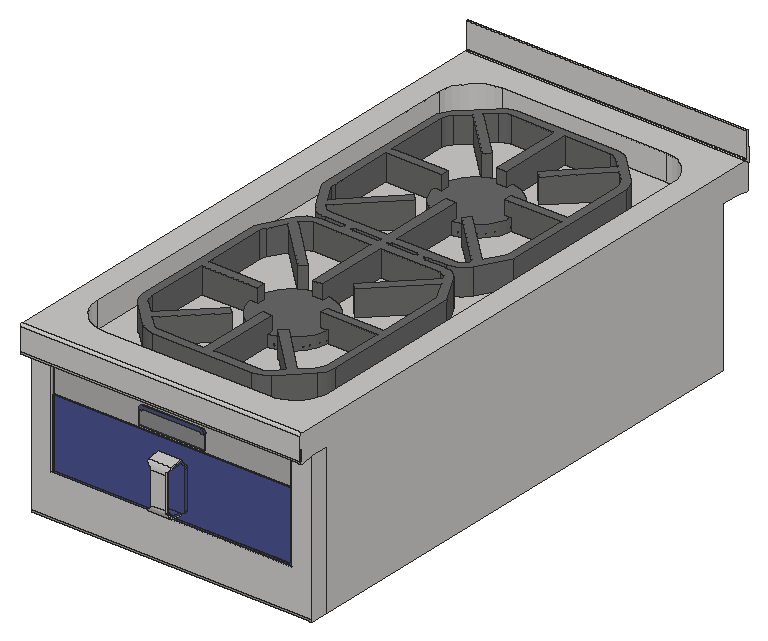
Revit family "QF_ELECTROLUXPROFESSIONAL_588037_MAGCABDOPO", category Specialty Equipment, Revit 2018
Family settings
  Round Connector Dimension = Use Diameter
  Part Type = Normal
  Work Plane-Based = No
  Always vertical = Yes
  Cut with Voids When Loaded = No
  Shared = No
  Room Calculation Point = No
Parameters
  Weight in Pounds = 81.571
  Watts = 0 W
  URL Cutsheet = ""
  Type Mark [instance] = ""
  Status [instance] = ""
  Specification by User [instance] = ""
  Specification by Manufacturer = ""
  Show Clearance [instance] = yes
  Serial Number = ""
  Seismic Rating = ""
  SMACNA No = ""
  Revision Code [instance] = ""
  Omniclass Number and Title = ""
  NAFEM Spec ID Number = ""
  Model = "588037"
  Mechanical Remarks [instance] = ""
  Mechanical Connection Type [instance] = ""
  Masterspec = ""
  Manufacturer = "ELECTROLUX"
  Item Number [instance] = ""
  Installed By [instance] = ""
  Identify Quantity as Lot [instance] = yes
  HP = "0 HP"
  Gas Size = 1/2"
  Gas RI Height [instance] = 0 mm
  Gas KW = 14
  Gas Input = 47726.0 Btu/h
  Gas Connection Height [instance] = 0 mm
  Furnished By [instance] = ""
  Foodservice Equipment Identifier [instance] = yes
  Direct Waste Size = 0"
  Description = "GAS TOP,2 BURNERS,1S,BSPL,400X800X250H"
  CSI MasterFormat = ""
  CSI Master Format = ""
  Back Panel [instance] = yes
Reference planes
  plane 1 "BACK": y = 0
  plane 2: z = 0
  plane 3 "LEFT": x = 0
  plane 4 "RIGHT": x = 400
  plane 5 "FRONT": y = -800
  plane 6 "TOP": z = 250
  plane 7: x = 200
  plane 8: y = -400
  plane 9: z = 288.006
  plane 10: x = 365
  plane 11: y = -60.425
Forms (mm)
  Extrusion 1, solid, material "QF_Finishes_Stainless Steel"
    sketch origin (0, -487.128, 0) x (0, 1, 0) y (0, 0, 1)
      loop
        line (483.128, 250) -> (-308.872, 250)
        arc (-308.872, 250) -> (-311.7, 248.828) -> (-312.872, 246) r 4
        line (-312.872, 246) -> (-312.872, 214)
        arc (-312.872, 214) -> (-311.437, 210.931) -> (-308.161, 210.064) r 4
        line (-308.161, 210.064) -> (-292.872, 213) -> (-267.872, 213) -> (-267.872, 0) -> (441.714, 0) -> (441.714, 213) -> (465.765, 213) -> (482.433, 210.061)
        arc (482.433, 210.061) -> (485.699, 210.936) -> (487.128, 214) r 4
        line (487.128, 214) -> (487.128, 246)
        arc (487.128, 246) -> (485.956, 248.828) -> (483.128, 250) r 4
    from 0 to 400
  Extrusion 2, void
    sketch origin (653.786, 44.048, 250) x (1, 0, 0) y (0, -1, 0)
      loop
        line (-570.234, 89.462) -> (-335.321, 89.462)
        arc (-335.321, 89.462) -> (-300.694, 103.805) -> (-286.351, 138.432) r 48.97
        line (-286.351, 138.432) -> (-286.351, 750.078)
        arc (-286.351, 750.078) -> (-300.694, 784.705) -> (-335.321, 799.048) r 48.97
        line (-335.321, 799.048) -> (-570.234, 799.048)
        arc (-570.234, 799.048) -> (-605.59, 784.403) -> (-620.234, 749.048) r 50
        line (-620.234, 749.048) -> (-620.234, 139.462)
        arc (-620.234, 139.462) -> (-605.59, 104.107) -> (-570.234, 89.462) r 50
    from 0 to 37
  Extrusion 3, solid, material "QF_Finishes_Stainless Steel"
    sketch origin (10, -560, 0) x (1, 0, 0) y (0, -1, 0)
      loop
        circle (355, -70) r 6.35
    from 0 to 3.2
  Extrusion 4, solid, material "QF_Finishes_Stainless Steel"
    sketch origin (0, -950.048, 0) x (0, -1, 0) y (0, 0, -1)
      loop
        arc (-948.097, -252.006) -> (-947.511, -250.592) -> (-946.097, -250.006) r 2
        arc (-946.097, -250.006) -> (-948.877, -248.828) -> (-950.048, -246) r 4
        line (-950.048, -246) -> (-950.048, -288.006) -> (-948.097, -288.006) -> (-948.097, -252.006)
    from 0 to 400
Cuts and joins
  Extrusion 2 cuts Extrusion 1
Lines and regions (mm)
  symbolic lines
    curve 1: line (0, 0, 0) -> (400, 0, 0)
    curve 2: line (0, -800, 0) -> (0, 0, 0)
    curve 3: line (400, -800, 0) -> (0, -800, 0)
    curve 4: line (400, 0, 0) -> (400, -800, 0)
    curve 5: arc (83.552, -755, 0) -> (48.197, -740.355, 0) -> (33.552, -705, 0) r 50
    curve 6: line (33.552, -705, 0) -> (33.552, -95.414, 0)
    curve 7: arc (33.552, -95.414, 0) -> (48.197, -60.059, 0) -> (83.552, -45.414, 0) r 50
    curve 8: line (83.552, -45.414, 0) -> (318.465, -45.414, 0)
    curve 9: arc (318.465, -45.414, 0) -> (353.092, -59.757, 0) -> (367.435, -94.384, 0) r 48.97
    curve 10: line (367.435, -94.384, 0) -> (367.435, -706.03, 0)
    curve 11: arc (367.435, -706.03, 0) -> (353.092, -740.657, 0) -> (318.465, -755, 0) r 48.97
    curve 12: line (318.465, -755, 0) -> (83.552, -755, 0)
    curve 13: line (0, -1.951, 0) -> (400, -1.951, 0)
Dimensions and locks
  plane 3 "LEFT" to plane 4 "RIGHT" = 400 mm
  plane 5 "FRONT" to plane 1 "BACK" = 800 mm
  equal spacing: plane 3 "LEFT", plane 7, plane 4 "RIGHT"
  equal spacing: plane 5 "FRONT", plane 8, plane 1 "BACK"
  plane 6 "TOP" to level = 250 mm  (x2)
  plane 1 "BACK" to plane 5 "FRONT" = 800 mm
  Extrusion 3 sketch curve to plane 1 "BACK" = 490 mm
  Extrusion 3 sketch curve to plane 4 "RIGHT" = 35 mm
  plane 1 "BACK" to Extrusion 3 = 490 mm
  locked: plane 10 to plane 4 "RIGHT" at 35
  plane 9 to plane 6 "TOP" = 38.006 mm
  plane 9 to level = 288.006 mm
  aligned and locked: level to plane 2
  aligned and locked: Extrusion 1 to plane 4 "RIGHT"
  aligned and locked: Extrusion 4 to plane 4 "RIGHT"
Automatic sketch dimensions
  Extrusion 1 sketch curve to plane 5 "FRONT" = 0 mm
  Extrusion 1 sketch curve to plane 6 "TOP" = 0 mm
  Extrusion 1 sketch curve to level = 0 mm
  Extrusion 1 sketch curve to plane 1 "BACK" = 0 mm
  Extrusion 1 sketch curve to plane 6 "TOP" = 37 mm  (x2)
  Extrusion 1 sketch curve to plane 5 "FRONT" = 4 mm
  Extrusion 1 sketch curve to plane 5 "FRONT" = 20 mm
  Extrusion 1 sketch curve to plane 5 "FRONT" = 45 mm
  plane 1 "BACK" to Extrusion 1 sketch curve = 21.363 mm
  plane 1 "BACK" to Extrusion 1 sketch curve = 4 mm  (x2)
  Extrusion 1 sketch curve to Extrusion 1 sketch curve = 4 mm
  Extrusion 1 sketch curve to Extrusion 1 sketch curve = 0.711 mm
  plane 1 "BACK" to Extrusion 1 sketch curve = 4.695 mm
  Extrusion 1 sketch curve to Extrusion 1 sketch curve = 0 mm  (x2)
  Extrusion 1 sketch curve to Extrusion 1 sketch curve = 1 mm  (x2)
  plane 1 "BACK" to Extrusion 1 sketch curve = 45.414 mm
  Extrusion 4 sketch curve to plane 1 "BACK" = 0 mm  (x2)
  Extrusion 4 sketch curve to plane 6 "TOP" = 2.006 mm
  Extrusion 4 sketch curve to plane 6 "TOP" = 0 mm
  Extrusion 4 sketch curve to Extrusion 4 sketch curve = 1.951 mm
  Extrusion 4 sketch curve to Extrusion 4 sketch curve = 2 mm
  Extrusion 4 sketch curve to Extrusion 4 sketch curve = 0.049 mm
  Extrusion 4 sketch curve to Extrusion 4 sketch curve = 36 mm
  Extrusion 4 sketch curve to Extrusion 4 sketch curve = 0 mm
  plane 1 "BACK" to curve 1 = 0 mm
  curve 1 to plane 4 "RIGHT" = 0 mm
  curve 2 to plane 3 "LEFT" = 0 mm
  plane 5 "FRONT" to curve 3 = 0 mm
  curve 13 to plane 3 "LEFT" = 0 mm
  curve 10 to plane 10 = 2.435 mm
  plane 10 to curve 12 = 46.535 mm
  plane 11 to curve 8 = 15.012 mm
  plane 10 to curve 8 = 46.535 mm
  plane 3 "LEFT" to curve 12 = 83.552 mm
  plane 3 "LEFT" to curve 8 = 83.552 mm
  plane 3 "LEFT" to curve 6 = 33.552 mm
  curve 6 to plane 5 "FRONT" = 95 mm
  plane 1 "BACK" to curve 13 = 1.951 mm
  Extrusion 1 to Extrusion 2 sketch curve = 33.552 mm
  Extrusion 1 to Extrusion 2 sketch curve = 41 mm
  Extrusion 1 to Extrusion 2 sketch curve = 41.414 mm
  Extrusion 2 sketch curve to Extrusion 2 sketch curve = 50 mm  (x2)
  Extrusion 1 to Extrusion 2 sketch curve = 81.535 mm  (x2)
  Extrusion 1 to Extrusion 2 sketch curve = 32.565 mm
  radius of Extrusion 3 sketch curve = 6.35 mm
Nested families
  nested 1: "OBT_800_Open Burner" at (200, -400.207, -649.319), type "OBT_800_Open Burner"
  nested 2: "EG_800_500_Single Range Control Handle Front Panel" at (202.376, -755, -650), type "EG_800_500_Single Range Control Handle Front Panel"
Connectors
  piping at (365, -490, -3.2), diameter 12.8
    settings: on Extrusion 3, index 1, connector inside diameter 0.50394", connector length 0 mm, flow factor 0, pipe flow 0 GPM, pressure drop 0.00 psi, fitting loss kfactor 0, connector angle 0.00°, fixture units 0, engagement length 0 mm, angle of deflection 0.00°, flow configuration 1, flow direction 1, fitting loss method 0, system type 7, joint type 0, gender type 0, connector reference index -1, connector utility 0, adjustable connector no, is connector primary yes, connector description "GAS CONNECTION"
Definition of nested family "OBT_800_Open Burner"
  Reference planes
    plane 1 "Center (Front/Back)": y = 0
    plane 2: z = 0
    plane 3 "Center (Left/Right)": x = 0
    plane 4: x = -136.448
    plane 5: x = 137.435
    plane 6: y = 324.793
    plane 7: y = -324.793
  Forms (mm)
    Extrusion 1, solid
      sketch origin (2130.573, 56.896, -679.622) x (1, 0, 0) y (0, 1, 0)
        loop
          line (-2137.44, 256.49) -> (-2200.793, 256.49)
          arc (-2200.793, 256.49) -> (-2207.908, 255.075) -> (-2213.94, 251.044) r 18.593
          line (-2213.94, 251.044) -> (-2226.233, 238.751) -> (-2163.48, 175.998) -> (-2171.6, 167.877) -> (-2234.354, 230.631) -> (-2250.33, 214.654)
          arc (-2250.33, 214.654) -> (-2254.433, 208.337) -> (-2255.614, 200.897) r 18.125
          line (-2255.614, 200.897) -> (-2255.614, 113.422) -> (-2175.79, 113.422) -> (-2175.79, 101.938) -> (-2255.614, 101.938) -> (-2255.614, 10.897)
          arc (-2255.614, 10.897) -> (-2254.981, 6.085) -> (-2253.123, 1.601) r 18.593
          line (-2253.123, 1.601) -> (-2240.078, -20.994) -> (-2171.6, 47.483) -> (-2163.48, 39.363) -> (-2234.012, -31.169)
          arc (-2234.012, -31.169) -> (-2228.546, -38.527) -> (-2220.23, -42.379) r 18.593
          line (-2220.23, -42.379) -> (-2137.44, -42.379) -> (-2137.44, 62.464) -> (-2123.707, 62.464) -> (-2123.707, -42.379) -> (-2039.969, -42.379)
          arc (-2039.969, -42.379) -> (-2031.653, -38.527) -> (-2026.187, -31.169) r 18.593
          line (-2026.187, -31.169) -> (-2097.271, 39.915) -> (-2089.15, 48.035) -> (-2020.118, -20.997) -> (-2004.585, 5.916) -> (-2004.585, 101.938) -> (-2085.357, 101.938) -> (-2085.357, 113.422) -> (-2004.585, 113.422) -> (-2004.585, 197.888)
          arc (-2004.585, 197.888) -> (-2006.695, 208.496) -> (-2012.704, 217.489) r 27.72
          line (-2012.704, 217.489) -> (-2025.845, 230.631) -> (-2089.15, 167.325) -> (-2097.271, 175.446) -> (-2033.966, 238.751) -> (-2046.259, 251.044)
          arc (-2046.259, 251.044) -> (-2052.291, 255.075) -> (-2059.406, 256.49) r 18.593
          line (-2059.406, 256.49) -> (-2123.707, 256.49) -> (-2123.707, 152.897) -> (-2137.44, 152.897) -> (-2137.44, 256.49)
        loop
          arc (-2267.021, 10.897) -> (-2265.999, 3.132) -> (-2263.002, -4.103) r 30
          line (-2263.002, -4.103) -> (-2242.795, -39.103)
          arc (-2242.795, -39.103) -> (-2231.814, -50.084) -> (-2216.814, -54.103) r 30
          line (-2216.814, -54.103) -> (-2189.287, -54.103)
          arc (-2189.287, -54.103) -> (-2188.243, -56) -> (-2186.272, -56.896) r 3.438
          arc (-2186.272, -56.896) -> (-2188.243, -57.792) -> (-2189.287, -59.689) r 3.438
          line (-2189.287, -59.689) -> (-2216.814, -59.689)
          arc (-2216.814, -59.689) -> (-2231.814, -63.708) -> (-2242.795, -74.689) r 30
          line (-2242.795, -74.689) -> (-2263.002, -109.689)
          arc (-2263.002, -109.689) -> (-2265.999, -116.924) -> (-2267.021, -124.689) r 30
          line (-2267.021, -124.689) -> (-2267.021, -315.461)
          arc (-2267.021, -315.461) -> (-2264.738, -326.941) -> (-2258.234, -336.674) r 30
          line (-2258.234, -336.674) -> (-2221.975, -372.933)
          arc (-2221.975, -372.933) -> (-2212.253, -379.414) -> (-2200.793, -381.689) r 30
          line (-2200.793, -381.689) -> (-2059.406, -381.689)
          arc (-2059.406, -381.689) -> (-2047.942, -379.412) -> (-2038.218, -372.928) r 30
          line (-2038.218, -372.928) -> (-2001.964, -336.674)
          arc (-2001.964, -336.674) -> (-1995.461, -326.941) -> (-1993.138, -315.461) r 30
          line (-1993.138, -315.461) -> (-1993.138, -116.719) -> (-2017.404, -74.689)
          arc (-2017.404, -74.689) -> (-2028.385, -63.708) -> (-2043.385, -59.689) r 30
          line (-2043.385, -59.689) -> (-2070.476, -59.689)
          arc (-2070.476, -59.689) -> (-2072.136, -57.759) -> (-2074.531, -56.896) r 5
          arc (-2074.531, -56.896) -> (-2072.136, -56.033) -> (-2070.476, -54.103) r 5
          line (-2070.476, -54.103) -> (-2043.385, -54.103)
          arc (-2043.385, -54.103) -> (-2028.385, -50.084) -> (-2017.404, -39.103) r 30
          line (-2017.404, -39.103) -> (-1993.294, 2.656) -> (-1993.294, 204.314)
          arc (-1993.294, 204.314) -> (-1995.995, 214.361) -> (-2001.964, 222.882) r 30
          line (-2001.964, 222.882) -> (-2038.218, 259.136)
          arc (-2038.218, 259.136) -> (-2047.942, 265.62) -> (-2059.406, 267.897) r 30
          line (-2059.406, 267.897) -> (-2200.793, 267.897)
          arc (-2200.793, 267.897) -> (-2212.253, 265.622) -> (-2221.975, 259.141) r 30
          line (-2221.975, 259.141) -> (-2258.234, 222.882)
          arc (-2258.234, 222.882) -> (-2264.738, 213.149) -> (-2267.021, 201.669) r 30
          line (-2267.021, 201.669) -> (-2267.021, 10.897)
        loop
          arc (-2122.397, -54.103) -> (-2124.057, -56.033) -> (-2126.452, -56.896) r 5
          arc (-2126.452, -56.896) -> (-2124.057, -57.759) -> (-2122.397, -59.689) r 5
          line (-2122.397, -59.689) -> (-2085.985, -59.689)
          arc (-2085.985, -59.689) -> (-2084.941, -57.792) -> (-2082.97, -56.896) r 3.438
          arc (-2082.97, -56.896) -> (-2084.941, -56) -> (-2085.985, -54.103) r 3.438
          line (-2085.985, -54.103) -> (-2122.397, -54.103)
        loop
          arc (-2173.778, -54.103) -> (-2175.438, -56.033) -> (-2177.833, -56.896) r 5
          arc (-2177.833, -56.896) -> (-2175.438, -57.759) -> (-2173.778, -59.689) r 5
          line (-2173.778, -59.689) -> (-2137.906, -59.689)
          arc (-2137.906, -59.689) -> (-2136.862, -57.792) -> (-2134.891, -56.896) r 3.438
          arc (-2134.891, -56.896) -> (-2136.862, -56) -> (-2137.906, -54.103) r 3.438
          line (-2137.906, -54.103) -> (-2173.778, -54.103)
        loop
          line (-2137.44, -370.282) -> (-2137.44, -265.439) -> (-2123.707, -265.439) -> (-2123.707, -370.282) -> (-2059.406, -370.282)
          arc (-2059.406, -370.282) -> (-2052.291, -368.867) -> (-2046.259, -364.836) r 18.593
          line (-2046.259, -364.836) -> (-2033.341, -351.918) -> (-2097.271, -287.988) -> (-2089.15, -279.867) -> (-2025.22, -343.798) -> (-2012.704, -331.281)
          arc (-2012.704, -331.281) -> (-2006.695, -322.288) -> (-2004.585, -311.68) r 27.72
          line (-2004.585, -311.68) -> (-2004.585, -225.964) -> (-2085.357, -225.964) -> (-2085.357, -214.48) -> (-2004.585, -214.48) -> (-2004.585, -119.708) -> (-2020.576, -92.003) -> (-2089.15, -160.577) -> (-2097.271, -152.457) -> (-2026.57, -81.755)
          arc (-2026.57, -81.755) -> (-2032.024, -74.971) -> (-2039.969, -71.413) r 18.593
          line (-2039.969, -71.413) -> (-2123.707, -71.413) -> (-2123.707, -175.006) -> (-2137.44, -175.006) -> (-2137.44, -71.413) -> (-2220.23, -71.413)
          arc (-2220.23, -71.413) -> (-2228.175, -74.971) -> (-2233.629, -81.755) r 18.593
          line (-2233.629, -81.755) -> (-2163.48, -151.905) -> (-2171.6, -160.025) -> (-2239.62, -92.005) -> (-2253.123, -115.393)
          arc (-2253.123, -115.393) -> (-2254.981, -119.877) -> (-2255.614, -124.689) r 18.593
          line (-2255.614, -124.689) -> (-2255.614, -214.48) -> (-2175.79, -214.48) -> (-2175.79, -225.964) -> (-2255.614, -225.964) -> (-2255.614, -314.689)
          arc (-2255.614, -314.689) -> (-2254.433, -322.129) -> (-2250.33, -328.446) r 18.125
          line (-2250.33, -328.446) -> (-2234.979, -343.798) -> (-2171.6, -280.419) -> (-2163.48, -288.54) -> (-2226.858, -351.918) -> (-2213.94, -364.836)
          arc (-2213.94, -364.836) -> (-2207.908, -368.867) -> (-2200.793, -370.282) r 18.593
          line (-2200.793, -370.282) -> (-2137.44, -370.282)
      from 1542.072 to 1578.941
    Extrusion 2, solid
      sketch origin (2130.573, 86.122, 0) x (1, 0, 0) y (0, 1, 0)
        loop
          circle (-2130.573, -249.448) r 55
        loop
          circle (-2130.573, 78.455) r 55
      from 862.45 to 879.837
    Extrusion 3, void
      sketch origin (-124.371, -330.785, -22.784) x (-0.587785, -0.809017, 0) y (0, 0, 1)
        loop
          circle (-213.495, 891.283) r 1
      from -67.69 to -35.114
    Extrusion 4, void
      sketch origin (-89.903, -351.417, -22.784) x (-0.422618, -0.906308, 0) y (0, 0, 1)
        loop
          circle (-213.495, 891.283) r 1
      from -74.826 to -35.114
    Extrusion 5, void
      sketch origin (-52.131, -365.093, -22.784) x (-0.241922, -0.970296, 0) y (0, 0, 1)
        loop
          circle (-213.495, 891.283) r 1
      from -67.69 to -35.114
    Extrusion 6, void
      sketch origin (27.702, -369.842, -22.784) x (0.139173, -0.990268, 0) y (0, 0, 1)
        loop
          circle (-213.495, 891.283) r 1
      from -67.69 to -35.114
    Extrusion 7, void
      sketch origin (66.829, -360.74, -22.784) x (0.325568, -0.945519, 0) y (0, 0, 1)
        loop
          circle (-213.495, 891.283) r 1
      from -67.69 to -35.114
    Extrusion 8, void
      sketch origin (103.5, -344.339, -22.784) x (0.5, -0.866025, 0) y (0, 0, 1)
        loop
          circle (-213.495, 891.283) r 1
      from -67.69 to -35.114
    Extrusion 9, void
      sketch origin (136.368, -321.242, -22.784) x (0.656059, -0.75471, 0) y (0, 0, 1)
        loop
          circle (-213.495, 891.283) r 1
      from -67.69 to -35.114
    Extrusion 10, void
      sketch origin (164.225, -292.298, -22.784) x (0.788011, -0.615661, 0) y (0, 0, 1)
        loop
          circle (-213.495, 891.283) r 1
      from -67.69 to -35.114
    Extrusion 11, void
      sketch origin (186.048, -258.571, -22.784) x (0.891007, -0.45399, 0) y (0, 0, 1)
        loop
          circle (-213.495, 891.283) r 1
      from -67.69 to -35.114
    Extrusion 12, void
      sketch origin (201.034, -221.299, -22.784) x (0.961262, -0.275637, 0) y (0, 0, 1)
        loop
          circle (-213.495, 891.283) r 1
      from -67.69 to -35.114
    Extrusion 13, void
      sketch origin (208.566, -141.681, -22.784) x (0.994522, 0.104528, 0) y (0, 0, 1)
        loop
          circle (-213.495, 891.283) r 1
      from -67.69 to -35.114
    Extrusion 14, void
      sketch origin (200.835, -102.26, -22.784) x (0.956305, 0.292372, 0) y (0, 0, 1)
        loop
          circle (-213.495, 891.283) r 1
      from -67.69 to -35.114
    Extrusion 15, void
      sketch origin (185.724, -65.039, -22.784) x (0.882948, 0.469472, 0) y (0, 0, 1)
        loop
          circle (-213.495, 891.283) r 1
      from -67.69 to -35.114
    Extrusion 16, void
      sketch origin (163.788, -31.385, -22.784) x (0.777146, 0.62932, 0) y (0, 0, 1)
        loop
          circle (-213.495, 891.283) r 1
      from -67.69 to -35.114
    Extrusion 17, void
      sketch origin (135.834, -2.534, -22.784) x (0.642788, 0.766044, 0) y (0, 0, 1)
        loop
          circle (-213.495, 891.283) r 1
      from -67.69 to -35.114
    Extrusion 18, void
      sketch origin (102.889, 20.452, -22.784) x (0.48481, 0.87462, 0) y (0, 0, 1)
        loop
          circle (-213.495, 891.283) r 1
      from -67.69 to -35.114
    Extrusion 19, void
      sketch origin (66.163, 36.73, -22.784) x (0.309017, 0.951057, 0) y (0, 0, 1)
        loop
          circle (-213.495, 891.283) r 1
      from -67.69 to -35.114
    Extrusion 20, void
      sketch origin (-52.811, 40.685, -22.784) x (-0.258819, 0.965926, 0) y (0, 0, 1)
        loop
          circle (-213.495, 891.283) r 1
      from -67.69 to -35.114
    Extrusion 21, void
      sketch origin (-90.537, 26.882, -22.784) x (-0.438371, 0.898794, 0) y (0, 0, 1)
        loop
          circle (-213.495, 891.283) r 1
      from -67.69 to -35.114
    Extrusion 22, void
      sketch origin (-124.936, 6.135, -22.784) x (-0.601815, 0.798636, 0) y (0, 0, 1)
        loop
          circle (-213.495, 891.283) r 1
      from -67.69 to -35.114
    Extrusion 23, void
      sketch origin (-154.744, -20.796, -22.784) x (-0.743145, 0.669131, 0) y (0, 0, 1)
        loop
          circle (-213.495, 891.283) r 1
      from -67.69 to -35.114
    Extrusion 24, void
      sketch origin (-178.866, -52.919, -22.784) x (-0.857167, 0.515038, 0) y (0, 0, 1)
        loop
          circle (-213.495, 891.283) r 1
      from -67.69 to -35.114
    Extrusion 25, void
      sketch origin (-196.416, -89.054, -22.784) x (-0.939693, 0.34202, 0) y (0, 0, 1)
        loop
          circle (-213.495, 891.283) r 1
      from -67.69 to -35.114
    Extrusion 26, void
      sketch origin (-204.521, -207.817, -22.784) x (-0.97437, -0.224951, 0) y (0, 0, 1)
        loop
          circle (-213.495, 891.283) r 1
      from -67.69 to -35.114
    Extrusion 27, void
      sketch origin (-192.043, -246.002, -22.784) x (-0.913545, -0.406737, 0) y (0, 0, 1)
        loop
          circle (-213.495, 891.283) r 1
      from -67.69 to -35.114
    Extrusion 28, void
      sketch origin (-172.509, -281.104, -22.784) x (-0.819152, -0.573576, 0) y (0, 0, 1)
        loop
          circle (-213.495, 891.283) r 1
      from -67.69 to -35.114
    Extrusion 29, void
      sketch origin (-146.635, -311.834, -22.784) x (-0.694658, -0.71934, 0) y (0, 0, 1)
        loop
          circle (-213.495, 891.283) r 1
      from -67.69 to -35.114
    Extrusion 30, void
      sketch origin (-124.371, -2.882, -22.784) x (-0.587785, -0.809017, 0) y (0, 0, 1)
        loop
          circle (-213.495, 891.283) r 1
      from -67.69 to -35.114
    Extrusion 31, void
      sketch origin (-89.903, -23.515, -22.784) x (-0.422618, -0.906308, 0) y (0, 0, 1)
        loop
          circle (-213.495, 891.283) r 1
      from -74.826 to -35.114
    Extrusion 32, void
      sketch origin (-52.131, -37.191, -22.784) x (-0.241922, -0.970296, 0) y (0, 0, 1)
        loop
          circle (-213.495, 891.283) r 1
      from -67.69 to -35.114
    Extrusion 33, void
      sketch origin (27.702, -41.939, -22.784) x (0.139173, -0.990268, 0) y (0, 0, 1)
        loop
          circle (-213.495, 891.283) r 1
      from -67.69 to -35.114
    Extrusion 34, void
      sketch origin (66.829, -32.837, -22.784) x (0.325568, -0.945519, 0) y (0, 0, 1)
        loop
          circle (-213.495, 891.283) r 1
      from -67.69 to -35.114
    Extrusion 35, void
      sketch origin (103.5, -16.436, -22.784) x (0.5, -0.866025, 0) y (0, 0, 1)
        loop
          circle (-213.495, 891.283) r 1
      from -67.69 to -35.114
    Extrusion 36, void
      sketch origin (136.368, 6.66, -22.784) x (0.656059, -0.75471, 0) y (0, 0, 1)
        loop
          circle (-213.495, 891.283) r 1
      from -67.69 to -35.114
    Extrusion 37, void
      sketch origin (164.225, 35.604, -22.784) x (0.788011, -0.615661, 0) y (0, 0, 1)
        loop
          circle (-213.495, 891.283) r 1
      from -67.69 to -35.114
    Extrusion 38, void
      sketch origin (186.048, 69.332, -22.784) x (0.891007, -0.45399, 0) y (0, 0, 1)
        loop
          circle (-213.495, 891.283) r 1
      from -67.69 to -35.114
    Extrusion 39, void
      sketch origin (201.034, 106.603, -22.784) x (0.961262, -0.275637, 0) y (0, 0, 1)
        loop
          circle (-213.495, 891.283) r 1
      from -67.69 to -35.114
    Extrusion 40, void
      sketch origin (208.566, 186.222, -22.784) x (0.994522, 0.104528, 0) y (0, 0, 1)
        loop
          circle (-213.495, 891.283) r 1
      from -67.69 to -35.114
    Extrusion 41, void
      sketch origin (200.835, 225.642, -22.784) x (0.956305, 0.292372, 0) y (0, 0, 1)
        loop
          circle (-213.495, 891.283) r 1
      from -67.69 to -35.114
    Extrusion 42, void
      sketch origin (185.724, 262.864, -22.784) x (0.882948, 0.469472, 0) y (0, 0, 1)
        loop
          circle (-213.495, 891.283) r 1
      from -67.69 to -35.114
    Extrusion 43, void
      sketch origin (163.788, 296.518, -22.784) x (0.777146, 0.62932, 0) y (0, 0, 1)
        loop
          circle (-213.495, 891.283) r 1
      from -67.69 to -35.114
    Extrusion 44, void
      sketch origin (135.834, 325.368, -22.784) x (0.642788, 0.766044, 0) y (0, 0, 1)
        loop
          circle (-213.495, 891.283) r 1
      from -67.69 to -35.114
    Extrusion 45, void
      sketch origin (102.889, 348.355, -22.784) x (0.48481, 0.87462, 0) y (0, 0, 1)
        loop
          circle (-213.495, 891.283) r 1
      from -67.69 to -35.114
    Extrusion 46, void
      sketch origin (66.163, 364.633, -22.784) x (0.309017, 0.951057, 0) y (0, 0, 1)
        loop
          circle (-213.495, 891.283) r 1
      from -67.69 to -35.114
    Extrusion 47, void
      sketch origin (-52.811, 368.588, -22.784) x (-0.258819, 0.965926, 0) y (0, 0, 1)
        loop
          circle (-213.495, 891.283) r 1
      from -67.69 to -35.114
    Extrusion 48, void
      sketch origin (-90.537, 354.785, -22.784) x (-0.438371, 0.898794, 0) y (0, 0, 1)
        loop
          circle (-213.495, 891.283) r 1
      from -67.69 to -35.114
    Extrusion 49, void
      sketch origin (-124.936, 334.037, -22.784) x (-0.601815, 0.798636, 0) y (0, 0, 1)
        loop
          circle (-213.495, 891.283) r 1
      from -67.69 to -35.114
    Extrusion 50, void
      sketch origin (-154.744, 307.107, -22.784) x (-0.743145, 0.669131, 0) y (0, 0, 1)
        loop
          circle (-213.495, 891.283) r 1
      from -67.69 to -35.114
    Extrusion 51, void
      sketch origin (-178.866, 274.984, -22.784) x (-0.857167, 0.515038, 0) y (0, 0, 1)
        loop
          circle (-213.495, 891.283) r 1
      from -67.69 to -35.114
    Extrusion 52, void
      sketch origin (-196.416, 238.848, -22.784) x (-0.939693, 0.34202, 0) y (0, 0, 1)
        loop
          circle (-213.495, 891.283) r 1
      from -67.69 to -35.114
    Extrusion 53, void
      sketch origin (-204.521, 120.086, -22.784) x (-0.97437, -0.224951, 0) y (0, 0, 1)
        loop
          circle (-213.495, 891.283) r 1
      from -67.69 to -35.114
    Extrusion 54, void
      sketch origin (-192.043, 81.901, -22.784) x (-0.913545, -0.406737, 0) y (0, 0, 1)
        loop
          circle (-213.495, 891.283) r 1
      from -67.69 to -35.114
    Extrusion 55, void
      sketch origin (-172.509, 46.798, -22.784) x (-0.819152, -0.573576, 0) y (0, 0, 1)
        loop
          circle (-213.495, 891.283) r 1
      from -67.69 to -35.114
    Extrusion 56, void
      sketch origin (-146.635, 16.068, -22.784) x (-0.694658, -0.71934, 0) y (0, 0, 1)
        loop
          circle (-213.495, 891.283) r 1
      from -67.69 to -35.114
  Cuts and joins
    Extrusion 3, Extrusion 4, Extrusion 5, Extrusion 6, Extrusion 7, Extrusion 8, Extrusion 9, Extrusion 10, Extrusion 11, Extrusion 12, Extrusion 13, Extrusion 14, Extrusion 15, Extrusion 16, Extrusion 17, Extrusion 18, Extrusion 19, Extrusion 20, Extrusion 21, Extrusion 22, Extrusion 23, Extrusion 24, Extrusion 25, Extrusion 26, Extrusion 27, Extrusion 28, Extrusion 29, Extrusion 30, Extrusion 31, Extrusion 32, Extrusion 33, Extrusion 34, Extrusion 35, Extrusion 36, Extrusion 37, Extrusion 38, Extrusion 39, Extrusion 40, Extrusion 41, Extrusion 42, Extrusion 43, Extrusion 44, Extrusion 45, Extrusion 46, Extrusion 47, Extrusion 48, Extrusion 49, Extrusion 50, Extrusion 51, Extrusion 52, Extrusion 53, Extrusion 54, Extrusion 55, Extrusion 56 cuts Extrusion 2
    Extrusion 32 cuts Extrusion 1
  Lines and regions (mm)
    symbolic lines
      curve 1: line (-103.78, 287.527, 0) -> (-41.027, 224.773, 0)
      curve 2: line (-41.027, 224.773, 0) -> (-32.906, 232.894, 0)
      curve 3: line (-32.906, 232.894, 0) -> (-95.66, 295.647, 0)
      curve 4: line (-95.66, 295.647, 0) -> (-83.367, 307.94, 0)
      curve 5: arc (-83.367, 307.94, 0) -> (-77.335, 311.971, 0) -> (-70.219, 313.386, 0) r 18.593
      curve 6: line (-70.219, 313.386, 0) -> (-6.867, 313.386, 0)
      curve 7: line (-6.867, 313.386, 0) -> (-6.867, 209.793, 0)
      curve 8: line (-6.867, 209.793, 0) -> (6.867, 209.793, 0)
      curve 9: line (6.867, 209.793, 0) -> (6.867, 313.386, 0)
      curve 10: line (6.867, 313.386, 0) -> (71.168, 313.386, 0)
      curve 11: arc (71.168, 313.386, 0) -> (78.283, 311.971, 0) -> (84.315, 307.94, 0) r 18.593
      curve 12: line (84.315, 307.94, 0) -> (96.608, 295.647, 0)
      curve 13: line (96.608, 295.647, 0) -> (33.302, 232.342, 0)
      curve 14: line (33.302, 232.342, 0) -> (41.423, 224.221, 0)
      curve 15: line (41.423, 224.221, 0) -> (104.728, 287.527, 0)
      curve 16: line (104.728, 287.527, 0) -> (117.87, 274.385, 0)
      curve 17: arc (117.87, 274.385, 0) -> (123.879, 265.392, 0) -> (125.989, 254.784, 0) r 27.72
      curve 18: line (125.989, 254.784, 0) -> (125.989, 170.318, 0)
      curve 19: line (125.989, 170.318, 0) -> (45.217, 170.318, 0)
      curve 20: line (45.217, 170.318, 0) -> (45.217, 158.834, 0)
      curve 21: line (45.217, 158.834, 0) -> (125.989, 158.834, 0)
      curve 22: line (125.989, 158.834, 0) -> (125.989, 62.812, 0)
      curve 23: line (125.989, 62.812, 0) -> (110.455, 35.899, 0)
      curve 24: line (110.455, 35.899, 0) -> (41.423, 104.931, 0)
      curve 25: line (41.423, 104.931, 0) -> (33.302, 96.811, 0)
      curve 26: line (33.302, 96.811, 0) -> (104.386, 25.727, 0)
      curve 27: arc (104.386, 25.727, 0) -> (98.921, 18.369, 0) -> (90.604, 14.517, 0) r 18.593
      curve 28: line (90.604, 14.517, 0) -> (6.867, 14.517, 0)
      curve 29: line (6.867, 14.517, 0) -> (6.867, 119.36, 0)
      curve 30: line (6.867, 119.36, 0) -> (-6.867, 119.36, 0)
      curve 31: line (-6.867, 119.36, 0) -> (-6.867, 14.517, 0)
      curve 32: line (-6.867, 14.517, 0) -> (-89.656, 14.517, 0)
      curve 33: arc (-89.656, 14.517, 0) -> (-97.973, 18.369, 0) -> (-103.438, 25.727, 0) r 18.593
      curve 34: line (-103.438, 25.727, 0) -> (-32.906, 96.259, 0)
      curve 35: line (-32.906, 96.259, 0) -> (-41.027, 104.379, 0)
      curve 36: line (-41.027, 104.379, 0) -> (-109.504, 35.902, 0)
      curve 37: line (-109.504, 35.902, 0) -> (-122.55, 58.497, 0)
      curve 38: arc (-122.55, 58.497, 0) -> (-124.407, 62.981, 0) -> (-125.041, 67.793, 0) r 18.593
      curve 39: line (-125.041, 67.793, 0) -> (-125.041, 158.834, 0)
      curve 40: line (-125.041, 158.834, 0) -> (-45.217, 158.834, 0)
      curve 41: line (-45.217, 158.834, 0) -> (-45.217, 170.318, 0)
      curve 42: line (-45.217, 170.318, 0) -> (-125.041, 170.318, 0)
      curve 43: line (-125.041, 170.318, 0) -> (-125.041, 257.793, 0)
      curve 44: arc (-125.041, 257.793, 0) -> (-123.86, 265.233, 0) -> (-119.757, 271.55, 0) r 18.125
      curve 45: line (-119.757, 271.55, 0) -> (-103.78, 287.527, 0)
      curve 46: line (-32.906, -95.009, 0) -> (-103.056, -24.859, 0)
      curve 47: arc (-103.056, -24.859, 0) -> (-97.601, -18.075, 0) -> (-89.656, -14.517, 0) r 18.593
      curve 48: line (-89.656, -14.517, 0) -> (-6.867, -14.517, 0)
      curve 49: line (-6.867, -14.517, 0) -> (-6.867, -118.11, 0)
      curve 50: line (-6.867, -118.11, 0) -> (6.867, -118.11, 0)
      curve 51: line (6.867, -118.11, 0) -> (6.867, -14.517, 0)
      curve 52: line (6.867, -14.517, 0) -> (90.604, -14.517, 0)
      curve 53: arc (90.604, -14.517, 0) -> (98.549, -18.075, 0) -> (104.004, -24.859, 0) r 18.593
      curve 54: line (104.004, -24.859, 0) -> (33.302, -95.561, 0)
      curve 55: line (33.302, -95.561, 0) -> (41.423, -103.681, 0)
      curve 56: line (41.423, -103.681, 0) -> (109.998, -35.107, 0)
      curve 57: line (109.998, -35.107, 0) -> (125.989, -62.812, 0)
      curve 58: line (125.989, -62.812, 0) -> (125.989, -157.584, 0)
      curve 59: line (125.989, -157.584, 0) -> (45.217, -157.584, 0)
      curve 60: line (45.217, -157.584, 0) -> (45.217, -169.068, 0)
      curve 61: line (45.217, -169.068, 0) -> (125.989, -169.068, 0)
      curve 62: line (125.989, -169.068, 0) -> (125.989, -254.784, 0)
      curve 63: arc (125.989, -254.784, 0) -> (123.879, -265.392, 0) -> (117.87, -274.385, 0) r 27.72
      curve 64: line (117.87, -274.385, 0) -> (105.353, -286.902, 0)
      curve 65: line (105.353, -286.902, 0) -> (41.423, -222.971, 0)
      curve 66: line (41.423, -222.971, 0) -> (33.302, -231.092, 0)
      curve 67: line (33.302, -231.092, 0) -> (97.233, -295.022, 0)
      curve 68: line (97.233, -295.022, 0) -> (84.315, -307.94, 0)
      curve 69: arc (84.315, -307.94, 0) -> (78.283, -311.971, 0) -> (71.168, -313.386, 0) r 18.593
      curve 70: line (71.168, -313.386, 0) -> (6.867, -313.386, 0)
      curve 71: line (6.867, -313.386, 0) -> (6.867, -208.543, 0)
      curve 72: line (6.867, -208.543, 0) -> (-6.867, -208.543, 0)
      curve 73: line (-6.867, -208.543, 0) -> (-6.867, -313.386, 0)
      curve 74: line (-6.867, -313.386, 0) -> (-70.219, -313.386, 0)
      curve 75: arc (-70.219, -313.386, 0) -> (-77.335, -311.971, 0) -> (-83.367, -307.94, 0) r 18.593
      curve 76: line (-83.367, -307.94, 0) -> (-96.285, -295.022, 0)
      curve 77: line (-96.285, -295.022, 0) -> (-32.906, -231.644, 0)
      curve 78: line (-32.906, -231.644, 0) -> (-41.027, -223.523, 0)
      curve 79: line (-41.027, -223.523, 0) -> (-104.405, -286.902, 0)
      curve 80: line (-104.405, -286.902, 0) -> (-119.757, -271.55, 0)
      curve 81: arc (-119.757, -271.55, 0) -> (-123.86, -265.233, 0) -> (-125.041, -257.793, 0) r 18.125
      curve 82: line (-125.041, -257.793, 0) -> (-125.041, -169.068, 0)
      curve 83: line (-125.041, -169.068, 0) -> (-45.217, -169.068, 0)
      curve 84: line (-45.217, -169.068, 0) -> (-45.217, -157.584, 0)
      curve 85: line (-45.217, -157.584, 0) -> (-125.041, -157.584, 0)
      curve 86: line (-125.041, -157.584, 0) -> (-125.041, -67.793, 0)
      curve 87: arc (-125.041, -67.793, 0) -> (-124.407, -62.981, 0) -> (-122.55, -58.497, 0) r 18.593
      curve 88: line (-122.55, -58.497, 0) -> (-109.047, -35.109, 0)
      curve 89: line (-109.047, -35.109, 0) -> (-41.027, -103.129, 0)
      curve 90: line (-41.027, -103.129, 0) -> (-32.906, -95.009, 0)
      curve 91: line (-132.429, 52.793, 0) -> (-112.221, 17.793, 0)
      curve 92: arc (-112.221, 17.793, 0) -> (-101.241, 6.812, 0) -> (-86.241, 2.793, 0) r 30
      curve 93: line (-86.241, 2.793, 0) -> (-58.714, 2.793, 0)
      curve 94: arc (-58.714, 2.793, 0) -> (-57.669, 0.896, 0) -> (-55.698, 0, 0) r 3.438
      curve 95: arc (-55.698, 0, 0) -> (-57.669, -0.896, 0) -> (-58.714, -2.793, 0) r 3.438
      curve 96: line (-58.714, -2.793, 0) -> (-86.241, -2.793, 0)
      curve 97: arc (-86.241, -2.793, 0) -> (-101.241, -6.812, 0) -> (-112.221, -17.793, 0) r 30
      curve 98: line (-112.221, -17.793, 0) -> (-132.429, -52.793, 0)
      curve 99: arc (-132.429, -52.793, 0) -> (-135.426, -60.028, 0) -> (-136.448, -67.793, 0) r 30
      curve 100: line (-136.448, -67.793, 0) -> (-136.448, -258.565, 0)
      curve 101: arc (-136.448, -258.565, 0) -> (-134.164, -270.045, 0) -> (-127.661, -279.778, 0) r 30
      curve 102: line (-127.661, -279.778, 0) -> (-91.401, -316.037, 0)
      curve 103: arc (-91.401, -316.037, 0) -> (-81.68, -322.518, 0) -> (-70.219, -324.793, 0) r 30
      curve 104: line (-70.219, -324.793, 0) -> (71.168, -324.793, 0)
      curve 105: arc (71.168, -324.793, 0) -> (82.631, -322.516, 0) -> (92.355, -316.032, 0) r 30
      curve 106: line (92.355, -316.032, 0) -> (128.609, -279.778, 0)
      curve 107: arc (128.609, -279.778, 0) -> (135.112, -270.045, 0) -> (137.396, -258.565, 0) r 30
      curve 108: line (137.435, -258.565, 0) -> (137.435, -59.823, 0)
      curve 109: line (137.435, -59.823, 0) -> (113.169, -17.793, 0)
      curve 110: arc (113.169, -17.793, 0) -> (102.189, -6.812, 0) -> (87.189, -2.793, 0) r 30
      curve 111: line (87.189, -2.793, 0) -> (60.098, -2.793, 0)
      curve 112: arc (60.098, -2.793, 0) -> (58.438, -0.863, 0) -> (56.042, 0, 0) r 5
      curve 113: arc (56.042, 0, 0) -> (58.438, 0.863, 0) -> (60.098, 2.793, 0) r 5
      curve 114: line (60.098, 2.793, 0) -> (87.189, 2.793, 0)
      curve 115: arc (87.189, 2.793, 0) -> (102.189, 6.812, 0) -> (113.169, 17.793, 0) r 30
      curve 116: line (113.169, 17.793, 0) -> (137.279, 59.552, 0)
      curve 117: line (137.279, 59.552, 0) -> (137.279, 261.21, 0)
      curve 118: arc (137.279, 261.21, 0) -> (134.579, 271.257, 0) -> (128.609, 279.778, 0) r 30
      curve 119: line (128.609, 279.778, 0) -> (92.355, 316.032, 0)
      curve 120: arc (92.355, 316.032, 0) -> (82.631, 322.516, 0) -> (71.168, 324.793, 0) r 30
      curve 121: line (71.168, 324.793, 0) -> (-70.219, 324.793, 0)
      curve 122: arc (-70.219, 324.793, 0) -> (-81.68, 322.518, 0) -> (-91.401, 316.037, 0) r 30
      curve 123: line (-91.401, 316.037, 0) -> (-127.661, 279.778, 0)
      curve 124: arc (-127.661, 279.778, 0) -> (-134.164, 270.045, 0) -> (-136.448, 258.565, 0) r 30
      curve 125: line (-136.448, 258.565, 0) -> (-136.448, 67.793, 0)
      curve 126: arc (-136.448, 67.793, 0) -> (-135.426, 60.028, 0) -> (-132.429, 52.793, 0) r 30
      curve 127: line (-43.204, 2.793, 0) -> (-7.333, 2.793, 0)
      curve 128: arc (-7.333, 2.793, 0) -> (-6.288, 0.896, 0) -> (-4.317, 0, 0) r 3.438
      curve 129: arc (-4.317, 0, 0) -> (-6.288, -0.896, 0) -> (-7.333, -2.793, 0) r 3.438
      curve 130: line (-7.333, -2.793, 0) -> (-43.204, -2.793, 0)
      curve 131: arc (-43.204, -2.793, 0) -> (-44.864, -0.863, 0) -> (-47.26, 0, 0) r 5
      curve 132: arc (-47.26, 0, 0) -> (-44.864, 0.863, 0) -> (-43.204, 2.793, 0) r 5
      curve 133: line (8.177, 2.793, 0) -> (44.588, 2.793, 0)
      curve 134: arc (44.588, 2.793, 0) -> (45.633, 0.896, 0) -> (47.604, 0, 0) r 3.438
      curve 135: arc (47.604, 0, 0) -> (45.633, -0.896, 0) -> (44.588, -2.793, 0) r 3.438
      curve 136: line (44.588, -2.793, 0) -> (8.177, -2.793, 0)
      curve 137: arc (8.177, -2.793, 0) -> (6.517, -0.863, 0) -> (4.121, 0, 0) r 5
      curve 138: arc (4.121, 0, 0) -> (6.517, 0.863, 0) -> (8.177, 2.793, 0) r 5
      curve 139: arc (-6.867, 219.146, 0) -> (-39.289, 203.065, 0) -> (-54.699, 170.318, 0) r 55
      curve 140: arc (54.699, 170.318, 0) -> (39.289, 203.065, 0) -> (6.867, 219.146, 0) r 55
      curve 141: arc (6.867, 110.007, 0) -> (39.289, 126.088, 0) -> (54.699, 158.834, 0) r 55
      curve 142: arc (-54.699, 158.834, 0) -> (-39.289, 126.088, 0) -> (-6.867, 110.007, 0) r 55
      curve 143: arc (-6.867, -108.757, 0) -> (-39.289, -124.838, 0) -> (-54.699, -157.584, 0) r 55
      curve 144: arc (-54.699, -169.068, 0) -> (-39.289, -201.815, 0) -> (-6.867, -217.896, 0) r 55
      curve 145: arc (54.699, -157.584, 0) -> (39.289, -124.838, 0) -> (6.867, -108.757, 0) r 55
      curve 146: arc (6.867, -217.896, 0) -> (39.289, -201.815, 0) -> (54.699, -169.068, 0) r 55
  Dimensions and locks
    plane 5 to plane 4 = 273.883 mm
    equal spacing: Extrusion 1 sketch curve, plane 3 "Center (Left/Right)", Extrusion 1 sketch curve
Definition of nested family "EG_800_500_Single Range Control Handle Front Panel"
  Reference planes
    plane 1 "Center (Front/Back)": y = 0
    plane 2: z = 0
    plane 3 "Center (Left/Right)": x = -2.376
    plane 4: x = -202.376
    plane 5: x = 197.624
    plane 6: y = -45
  Forms (mm)
    Extrusion 1, solid
      sketch origin (833.217, 829.203, -1.25) x (0, 1, 0) y (0, 0, 1)
        loop
          arc (-854.203, 654.25) -> (-853.324, 652.129) -> (-851.203, 651.25) r 3
          line (-851.203, 651.25) -> (-829.203, 651.25) -> (-829.203, 864.25) -> (-854.203, 864.25) -> (-854.203, 654.25)
      from -1035.593 to -635.593
    Extrusion 2, void
      sketch origin (33.217, 829.203, -1.25) x (1, 0, 0) y (0, 0, 1)
        loop
          line (-207.593, 855.116) -> (-207.593, 713.116) -> (136.407, 713.116) -> (136.407, 855.116) -> (-207.593, 855.116)
      from 848.59 to 854.203
  Cuts and joins
    Extrusion 2 cuts Extrusion 1
  Dimensions and locks
    equal spacing: plane 5, plane 3 "Center (Left/Right)", plane 4
    plane 5 to plane 4 = 400 mm
    aligned and locked: cut or joined group of Extrusion 1, Extrusion 2 to plane 4
    aligned and locked: plane 5 to cut or joined group of Extrusion 1, Extrusion 2
    aligned and locked: plane 3 "Center (Left/Right)" to nested 1
    aligned and locked: cut or joined group of Extrusion 1, Extrusion 2 to nested 1
  Automatic sketch dimensions
    Extrusion 1 sketch curve to plane 1 "Center (Front/Back)" = 0 mm
    plane 1 "Center (Front/Back)" to Extrusion 1 sketch curve = 22 mm
    Extrusion 1 sketch curve to Extrusion 1 sketch curve = 3 mm
    level to Extrusion 1 sketch curve = 650 mm
    Extrusion 1 sketch curve to Extrusion 1 sketch curve = 210 mm
    plane 4 to Extrusion 2 sketch curve = 28 mm
    Extrusion 2 sketch curve to plane 5 = 28 mm
    level to Extrusion 2 sketch curve = 711.866 mm
    Extrusion 2 sketch curve to Extrusion 2 sketch curve = 142 mm
  Nested families
    nested 1: "glass conrol panel" at (-2.376, 280.644, 2.752), type "glass conrol panel"
    nested 2: "Range Control Handle" at (-2.602, -28.137, -209.113), type "Range Control Handle"
  Definition of nested family "glass conrol panel"
    Reference planes
      plane 1 "Center (Front/Back)": y = 0
      plane 2: z = 0
      plane 3 "Center (Left/Right)": x = 0
    Forms (mm)
      Extrusion 1, solid
        sketch origin (378.286, 0, 0.617) x (1, 0, 0) y (0, 0, 1)
          loop
            line (-550.286, 806.791) -> (-550.286, 708.497) -> (-206.286, 708.497) -> (-206.286, 806.791) -> (-550.286, 806.791)
        from 300.031 to 304.8
      Extrusion 2, solid
        sketch origin (378.286, 0, 0.617) x (1, 0, 0) y (0, 0, 1)
          loop
            line (-550.286, 850.497) -> (-550.286, 806.791) -> (-206.286, 806.791) -> (-206.286, 850.497) -> (-550.286, 850.497)
        from 300.031 to 304.8
      Extrusion 3, void
        sketch origin (378.286, 0, 0.617) x (1, 0, 0) y (0, 0, 1)
          loop
            line (-547.628, 847.565) -> (-547.628, 710.699) -> (-209.196, 710.699) -> (-209.196, 847.565) -> (-547.628, 847.565)
        from 303.697 to 304.8
      Extrusion 4, solid
        sketch origin (308.309, 1.101, -0.633) x (1, 0, 0) y (0, 0, 1)
          loop
            line (-261.431, 812.62) -> (-261.431, 834.177) -> (-266.24, 834.177) -> (-268.039, 835.977) -> (-348.469, 835.977) -> (-350.269, 834.177) -> (-355.186, 834.177) -> (-355.186, 812.62) -> (-261.431, 812.62)
        from 304.798 to 306.745
      Extrusion 5, solid
        sketch origin (308.309, 1.101, -0.633) x (1, 0, 0) y (0, 0, 1)
          loop
            line (-350.269, 834.177) -> (-348.469, 835.977) -> (-268.039, 835.977) -> (-266.24, 834.177) -> (-261.529, 834.177)
            arc (-261.529, 834.177) -> (-262.706, 838.752) -> (-266.98, 840.763) r 5.549
            line (-266.98, 840.763) -> (-349.686, 840.763)
            arc (-349.686, 840.763) -> (-353.942, 838.747) -> (-355.078, 834.177) r 5.5
            line (-355.078, 834.177) -> (-350.269, 834.177)
        from 304.798 to 306.745
    Cuts and joins
      Extrusion 3 cuts Extrusion 1
      Extrusion 3 cuts Extrusion 2
    Dimensions and locks
      aligned and locked: Extrusion 1 to Extrusion 2
      aligned and locked: Extrusion 5 sketch curve to Extrusion 4  (x4)
      aligned and locked: Extrusion 4 to Extrusion 5 sketch curve
      aligned and locked: Extrusion 5 to Extrusion 4
  Definition of nested family "Range Control Handle"
    Reference planes
      plane 1 "Center (Front/Back)": y = 0
      plane 2: z = 0
      plane 3 "Center (Left/Right)": x = 0
      plane 4: z = 971.092
      plane 5: y = -16.9
    Forms (mm)
      Extrusion 1, solid
        sketch origin (-746.28, 380.497, 208.931) x (-1, 0, 0) y (0, 0, 1)
          loop
            line (-770.101, 786.798) -> (-770.101, 731.649)
            arc (-770.101, 731.649) -> (-769.759, 730.563) -> (-768.855, 729.87) r 1.893
            line (-768.855, 729.87) -> (-763.474, 727.911) -> (-729.81, 727.911) -> (-724.428, 729.87)
            arc (-724.428, 729.87) -> (-723.525, 730.563) -> (-723.183, 731.649) r 1.893
            line (-723.183, 731.649) -> (-723.183, 786.798)
            arc (-723.183, 786.798) -> (-723.529, 787.894) -> (-724.44, 788.593) r 1.91
            line (-724.44, 788.593) -> (-729.683, 790.819) -> (-763.601, 790.819) -> (-768.844, 788.593)
            arc (-768.844, 788.593) -> (-769.755, 787.894) -> (-770.101, 786.798) r 1.91
        from -382.35 to -378.852
      Sweep 2, solid
        path origin (-746.788, 380.496, 208.091) x (0, -1, 0) y (0, 0, 1)
          loop
            line (379.775, 793.281) -> (395.661, 791.048)
            arc (395.661, 791.048) -> (397.781, 787.377) -> (398.517, 783.202) r 12.207
            line (398.517, 783.202) -> (398.517, 737.368)
            arc (398.517, 737.368) -> (397.781, 733.193) -> (395.661, 729.522) r 12.207
            line (395.661, 729.522) -> (379.775, 727.289)
        profile origin (-746.788, -7.222, 1000.256) x (0, -0.139173, 0.990268) y (-1, 0, 0)
          loop
            line (0.782, -763.123) -> (0.782, -730.907) -> (-1.322, -730.907) -> (-1.322, -763.123) -> (0.782, -763.123)
      Sweep 3, solid
        path origin (-746.788, 380.715, 207.832) x (0, -1, 0) y (0, 0, 1)
          loop
            line (380.478, 795.442) -> (397.218, 793.09)
            arc (397.218, 793.09) -> (399.929, 788.473) -> (400.871, 783.202) r 15.207
            line (400.871, 783.202) -> (400.871, 737.584)
            arc (400.871, 737.584) -> (399.914, 732.274) -> (397.164, 727.633) r 15.207
            line (397.164, 727.633) -> (380.601, 725.305)
        profile origin (-746.788, -8.132, 1002.099) x (0, -0.139173, 0.990268) y (-1, 0, 0)
          loop
            line (0.782, -763.123) -> (0.782, -730.907) -> (-1.322, -730.907) -> (-1.322, -763.123) -> (0.782, -763.123)
      Extrusion 4, void
        sketch origin (889.253, 220.666, 207.993) x (1, 0, 0) y (0, 0, 1)
          loop
            line (-943.038, 816.854) -> (-943.038, 703.686) -> (-899.466, 734.196) -> (-899.466, 786.344) -> (-943.038, 816.854)
        from 230.636 to 242.25
      Extrusion 5, void
        sketch origin (-888.8, 220.666, 207.993) x (-1, 0, 0) y (0, 0, -1)
          loop
            line (-943.038, -816.854) -> (-899.466, -786.344) -> (-899.466, -734.196) -> (-943.038, -703.686) -> (-943.038, -816.854)
        from 230.636 to 242.25
      Extrusion 6, solid
        sketch origin (0, 0, 0) x (1, 0, 0) y (0, 0, 1)
          loop
            circle (0, 971.092) r 7.736
        from -3.137 to -1.645
    Cuts and joins
      Extrusion 4, Extrusion 5 cuts Sweep 3
      Extrusion 4, Extrusion 5 cuts Sweep 2
      joined: Extrusion 1, Extrusion 6
    Lines and regions (mm)
      symbolic lines
        curve 1: line (16.334, -16.9, 0) -> (16.334, -19.227, 0)
        curve 2: spline (16.334, -19.227, 0) -> (15.87, -19.385, 0) -> (15.404, -19.536, 0) -> (14.936, -19.678, 0) -> (14.466, -19.813, 0) -> (13.995, -19.94, 0) -> (13.523, -20.059, 0) -> (13.049, -20.171, 0) -> (12.575, -20.274, 0) -> (12.099, -20.37, 0) -> (11.622, -20.458, 0) -> (11.144, -20.537, 0) -> (10.666, -20.609, 0)
        curve 3: line (10.666, -16.9, 0) -> (10.666, -20.938, 0)
        curve 4: line (-10.213, -20.938, 0) -> (10.666, -20.938, 0)
        curve 5: line (-10.213, -20.938, 0) -> (-10.213, -16.9, 0)
        curve 6: spline (-10.213, -20.609, 0) -> (-10.691, -20.537, 0) -> (-11.169, -20.458, 0) -> (-11.646, -20.37, 0) -> (-12.122, -20.274, 0) -> (-12.597, -20.171, 0) -> (-13.07, -20.059, 0) -> (-13.542, -19.94, 0) -> (-14.013, -19.813, 0) -> (-14.483, -19.678, 0) -> (-14.951, -19.536, 0) -> (-15.417, -19.385, 0) -> (-15.881, -19.227, 0)
        curve 7: line (-15.881, -19.227, 0) -> (-15.881, -16.9, 0)
